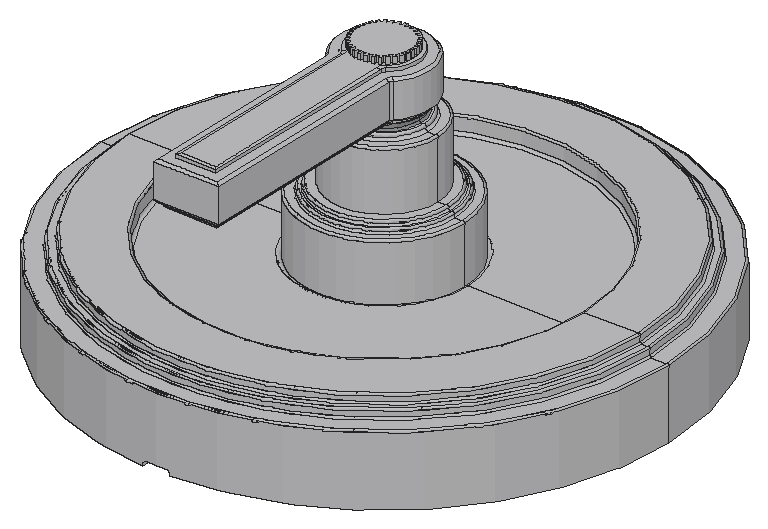
Revit family "Shower-Valve_Trim-KALLISTA-Vir_Stil-P80239_1", category Specialty Equipment, host Face, Revit 2021
Family settings
  Host = Face
  Round Connector Dimension = Use Diameter
  Part Type = Normal
  OmniClass Number = 23.31.25.00
  OmniClass Title = Toilet and Bath Specialties
  Cut with Voids When Loaded = No
  Shared = No
  Room Calculation Point = No
Parameters (values of type "CP-Chrome")
  Width = 6 5/8"  # constant formula
  WaterSense Certified = 1 = 0  # no
  URL = "https://www.kallista.com/"
  Type = 1
  Product Page URL = ""
  Product Name = "Vir Stil"  # constant formula
  Product Documentation Link = ""
  Model = if(Type = 1, "P80239-LV-CP", if(Type = 2, "P80239-LV-SN", if(Type = 3, "P80239-LV-BAF", if(Type = 4, "P80239-LV-BN", "NA"))))  # "P80239-LV-CP"
  Material = "Premium Metal Construction"  # constant formula
  Master Format 2014 Name = "Toilet, Bath, and Laundry Accessories"  # constant formula
  Master Format 2014 = "10 28 00"  # constant formula
  Manufacturer Address = "444 Highland Dr, Kohler, WI 53044"  # constant formula
  Manufacturer = "Kallista Co."  # constant formula
  Length = 3 13/256"  # constant formula
  Height = 6 5/8"  # constant formula
  Handle Clearance = 2 7/8"  # constant formula
  Finish = Kallista-Metal-CP-Chrome
  Environmental Product Declaration = ""
  Description = "Vir Stil Pressure Balance Trim , Lever Handle"  # constant formula
  Default Elevation = 42"
  Declare Label = ""
  Date Modified = "09/09/2023"  # constant formula
  Date Created = "09/09/2023"  # constant formula
  Copyright = "Copyright Kallista Co."  # constant formula
  Contact Us = "https://www.kallista.com/corporate/contact-us/"
  Assembly Code = "C1030200"
  ADA Compliant = 1 = 0  # no
Types (5): name | Type | Model | Finish
  (no name) | 1 | "P80239-LV-CP" | Kallista-Metal-CP-Chrome
  CP-Chrome | 1 | "P80239-LV-CP" | Kallista-Metal-CP-Chrome
  SN-Polished Nickel | 2 | "P80239-LV-SN" | Kallista-Metal-SN-Polished_Nickel
  BAF-Brushed French Gold | 3 | "P80239-LV-BAF" | Kallista-Metal-BAF-Brushed_French_Gold
  BN-Brushed Nickel | 4 | "P80239-LV-BN" | Kallista-Metal-BN-Brushed_Nickel
Reference planes (in)
  plane 1 "Center (Front/Back)": y = 0
  plane 2: z = 0
  plane 3 "Center (Left/Right)": x = 0
  plane 4: y = 3.31299
  plane 5: y = -3.31201
  plane 6: x = 3.31299
  plane 7: x = -3.31201
  plane 8: y = -2.875
  plane 9: y = -0.98622
  plane 10: y = -0.62598
  plane 11: y = 0.62598
  plane 12: y = 0.98622
  plane 13: x = -0.62598
  plane 14: x = -0.98622
  plane 15: x = 0.62598
  plane 16: x = 0.98622
  plane 17: z = 1.01969
  plane 18: z = 3.05078
Dimensions and locks (in)
  plane 8 to plane 1 "Center (Front/Back)" = 2 7/8"
  "Width": plane 7 to plane 6
  "Height": plane 4 to plane 5
  plane 14 to plane 16 = 1.97244"
  plane 12 to plane 9 = 1.97244"
  plane 11 to plane 10 = 1.25197"
  plane 13 to plane 15 = 1.25197"  (x2)
  level to plane 17 = 1.01969"  (x2)
  "Length": level to plane 18
  plane 7 to plane 6 = 6 5/8"
  plane 17 to plane 18 = 2.0311"
  "Handle Clearance": plane 1 "Center (Front/Back)" to plane 8
  level to plane 18 = 3 13/256"
  plane 4 to plane 5 = 6 5/8"
  aligned and locked: plane 2 to host face
  aligned and locked: level to host face
Automatic sketch dimensions
  host sketch curve to host sketch curve = 96"  (x2)
Nested families (in)
  nested 1: "P80239" at (0, 0, 0), type "P80239"
Definition of nested family "P80239"
  Parameters
    Material = none
    Default Elevation = 0"
  Reference planes (in)
    plane 1 "Center (Front/Back)": y = 0
    plane 2: z = 0
    plane 3 "Center (Left/Right)": x = 0
    plane 4: y = 3.31299
    plane 5: y = -3.31299
    plane 6: x = -3.31299
    plane 7: x = 3.31299
    plane 8: z = 1.01969
    plane 9: y = 0.98622
    plane 10: y = -0.98622
    plane 11: x = -0.98622
    plane 12: x = 0.98622
    plane 13: y = -2.87402
    plane 14: z = 3.05118
    plane 15: y = 0.62598
    plane 16: y = -0.62598
    plane 17: x = -0.62598
    plane 18: x = 0.62598
  Forms (in)
    Revolve 1, solid, material <- "Material", detail levels medium+fine
      sketch origin (0, 0, 0) x (1, 0, 0) y (0, 0, 1)
        loop
          line (0, 2.32681) -> (-0.45891, 2.32681)
          arc (-0.45891, 2.32681) -> (-0.47733, 2.31754) -> (-0.48086, 2.29723) r 0.02293
          arc (-0.48086, 2.29723) -> (-0.48479, 2.27462) -> (-0.50529, 2.26431) r 0.02552
          line (-0.50529, 2.26431) -> (-0.60314, 2.26431)
          arc (-0.60314, 2.26431) -> (-0.61929, 2.25762) -> (-0.62598, 2.24147) r 0.02284
          line (-0.62598, 2.24147) -> (-0.62598, 1.57314) -> (-0.72605, 1.57314)
          arc (-0.72605, 1.57314) -> (-0.74304, 1.5641) -> (-0.74501, 1.54495) r 0.02047
          arc (-0.74501, 1.54495) -> (-0.74655, 1.53003) -> (-0.7598, 1.52298) r 0.01596
          line (-0.7598, 1.52298) -> (-0.79062, 1.52298)
          arc (-0.79062, 1.52298) -> (-0.80652, 1.51438) -> (-0.80803, 1.49636) r 0.01901
          arc (-0.80803, 1.49636) -> (-0.80935, 1.48068) -> (-0.82319, 1.4732) r 0.01654
          line (-0.82319, 1.4732) -> (-0.91302, 1.4732)
          arc (-0.91302, 1.4732) -> (-0.9284, 1.46683) -> (-0.93478, 1.45144) r 0.02175
          line (-0.93478, 1.45144) -> (-0.93478, 0.7868)
          arc (-0.93478, 0.7868) -> (-0.95546, 0.81134) -> (-0.98622, 0.82053) r 0.0561
          line (-0.98622, 0.82053) -> (-2.28504, 0.82053)
          arc (-2.28504, 0.82053) -> (-2.30722, 0.82972) -> (-2.31641, 0.8519) r 0.03137
          line (-2.31641, 0.8519) -> (-2.31641, 0.9994)
          arc (-2.31641, 0.9994) -> (-2.32235, 1.01374) -> (-2.3367, 1.01969) r 0.02029
          line (-2.3367, 1.01969) -> (-2.95855, 1.01969)
          arc (-2.95855, 1.01969) -> (-2.97285, 1.01376) -> (-2.97877, 0.99947) r 0.02022
          line (-2.97877, 0.99947) -> (-2.97877, 0.94083)
          arc (-2.97877, 0.94083) -> (-2.98489, 0.92606) -> (-2.99967, 0.91994) r 0.0209
          line (-2.99967, 0.91994) -> (-3.0679, 0.91994)
          arc (-3.0679, 0.91994) -> (-3.08204, 0.91408) -> (-3.08789, 0.89994) r 0.02
          line (-3.08789, 0.89994) -> (-3.08789, 0.84055)
          arc (-3.08789, 0.84055) -> (-3.09384, 0.82619) -> (-3.1082, 0.82024) r 0.02031
          line (-3.1082, 0.82024) -> (-3.29295, 0.82024)
          arc (-3.29295, 0.82024) -> (-3.30712, 0.81437) -> (-3.31299, 0.8002) r 0.02004
          line (-3.31299, 0.8002) -> (-3.31299, 0) -> (0, 0) -> (0, 2.32681)
        axis (0, 2.32681) -> (0, 0)
      angle from 0 to 360
    Sweep 2, solid, material <- "Material", detail levels medium+fine
      path origin (0, 0, 0) x (1, 0, 0) y (0, 1, 0)
        loop
          line (0.37224, -2.87552) -> (0.37224, -0.40068)
          arc (0.37224, -0.40068) -> (0.37605, -0.38068) -> (0.38697, -0.36349) r 0.05433
          arc (0.38697, -0.36349) -> (0.00759, 0.53086) -> (-0.3972, -0.35228) r 0.53091
          arc (-0.3972, -0.35228) -> (-0.38278, -0.3761) -> (-0.37776, -0.40348) r 0.07717
          line (-0.37776, -0.40348) -> (-0.37776, -2.87552) -> (0.37224, -2.87552)
      profile origin (0.37224, -1.6381, 0) x (-1, 0, 0) y (0, 0, 1)
        loop
          line (0, 2.9018) -> (0, 2.50177) -> (0.02995, 2.47183) -> (0.06253, 2.47183) -> (0.06253, 2.43064) -> (0.08469, 2.40847) -> (0.11619, 2.40847) -> (0.11619, 2.93183) -> (0.03003, 2.93183) -> (0, 2.9018)
    Sweep 3, solid, material <- "Material", detail levels medium+fine
      path origin (0, 0, 0) x (1, 0, 0) y (0, 1, 0)
        loop
          line (0.23204, -2.73592) -> (0.23204, -0.34328)
          arc (0.23204, -0.34328) -> (0.23755, -0.31824) -> (0.25306, -0.29783) r 0.05964
          arc (0.25306, -0.29783) -> (0.00433, 0.3908) -> (-0.25959, -0.29216) r 0.39082
          arc (-0.25959, -0.29216) -> (-0.24375, -0.31373) -> (-0.23815, -0.33989) r 0.06386
          line (-0.23815, -0.33989) -> (-0.23815, -2.73592) -> (0.23204, -2.73592)
      profile origin (0.23204, -1.5396, 0) x (-1, 0, 0) y (0, 0, 1)
        loop
          line (0, 2.93172) -> (0.07609, 2.93172) -> (0.07609, 2.97149) -> (0.04138, 2.97149) -> (0, 2.96514) -> (0, 2.93172)
    Extrusion 4, solid, material <- "Material", detail levels medium+fine
      sketch origin (0, 0, 0) x (1, 0, 0) y (0, 1, 0)
        loop
          arc (-0.20905, -0.23527) -> (-0.17434, -0.28255) -> (-0.16205, -0.33989) r 0.13995
          line (-0.16205, -0.33989) -> (-0.16205, -2.65982) -> (0.15594, -2.65982) -> (0.15594, -0.34328)
          arc (0.15594, -0.34328) -> (0.16848, -0.2863) -> (0.20379, -0.23984) r 0.13573
          arc (0.20379, -0.23984) -> (0.00348, 0.31471) -> (-0.20905, -0.23527) r 0.31473
      from 2.93172 to 2.97149
    Extrusion 5, solid, material <- "Material", detail levels medium+fine
      sketch origin (0, 0, 0) x (1, 0, 0) y (0, 1, 0)
        loop
          line (-0.34146, -0.0578) -> (-0.33501, -0.08811) -> (-0.30515, -0.07841) -> (-0.29552, -0.10806) -> (-0.32553, -0.11781) -> (-0.31444, -0.14671) -> (-0.28595, -0.13219) -> (-0.27185, -0.15986) -> (-0.29949, -0.17394) -> (-0.28298, -0.20037) -> (-0.25573, -0.18334) -> (-0.23721, -0.20792) -> (-0.2621, -0.22668) -> (-0.24035, -0.24842) -> (-0.21829, -0.22636) -> (-0.19504, -0.2473) -> (-0.212, -0.27342) -> (-0.18369, -0.29181) -> (-0.16681, -0.26581) -> (-0.13903, -0.28185) -> (-0.15683, -0.30925) -> (-0.12974, -0.32489) -> (-0.11451, -0.29224) -> (-0.08487, -0.30303) -> (-0.09574, -0.3329) -> (-0.06563, -0.34386) -> (-0.05476, -0.31399) -> (-0.02225, -0.31399) -> (-0.0279, -0.34601) -> (0.00308, -0.34601) -> (0.00308, -0.31399) -> (0.03601, -0.30994) -> (0.03601, -0.34259) -> (0.07277, -0.33808) -> (0.066, -0.30626) -> (0.10401, -0.29608) -> (0.11218, -0.32657) -> (0.14042, -0.31399) -> (0.12707, -0.28401) -> (0.15634, -0.27097) -> (0.17284, -0.29954) -> (0.20046, -0.2836) -> (0.17795, -0.25145) -> (0.20443, -0.23291) -> (0.22787, -0.25635) -> (0.24977, -0.23444) -> (0.22607, -0.21074) -> (0.24841, -0.1884) -> (0.27211, -0.2121) -> (0.29172, -0.1841) -> (0.26311, -0.16406) -> (0.2797, -0.13532) -> (0.30701, -0.15108) -> (0.32268, -0.12395) -> (0.28831, -0.11144) -> (0.30031, -0.07845) -> (0.33323, -0.09043) -> (0.34146, -0.05972) -> (0.30537, -0.05656) -> (0.30537, -0.0254) -> (0.34316, -0.0254) -> (0.34316, 0.00683) -> (0.30537, 0.00683) -> (0.30537, 0.03985) -> (0.34316, 0.04316) -> (0.33768, 0.07421) -> (0.30294, 0.06809) -> (0.29487, 0.0982) -> (0.326, 0.10369) -> (0.31352, 0.13457) -> (0.28433, 0.12278) -> (0.26919, 0.15124) -> (0.29729, 0.16618) -> (0.27897, 0.19439) -> (0.25272, 0.17733) -> (0.2314, 0.20667) -> (0.25314, 0.22842) -> (0.22236, 0.26216) -> (0.19768, 0.23749) -> (0.16893, 0.2541) -> (0.1891, 0.28903) -> (0.15478, 0.30431) -> (0.14223, 0.27611) -> (0.11361, 0.28885) -> (0.12431, 0.31824) -> (0.09484, 0.32897) -> (0.08659, 0.2982) -> (0.05656, 0.30624) -> (0.05999, 0.33886) -> (0.02428, 0.33886) -> (0.02428, 0.3076) -> (-0.00748, 0.3076) -> (-0.00748, 0.34501) -> (-0.03867, 0.34501) -> (-0.03212, 0.30787) -> (-0.064, 0.30225) -> (-0.07377, 0.33872) -> (-0.10635, 0.32999) -> (-0.09657, 0.29352) -> (-0.12755, 0.28522) -> (-0.14042, 0.31553) -> (-0.17116, 0.30248) -> (-0.14996, 0.27331) -> (-0.17749, 0.25867) -> (-0.19711, 0.28567) -> (-0.22199, 0.26552) -> (-0.19996, 0.24349) -> (-0.22279, 0.22066) -> (-0.25899, 0.24156) -> (-0.27474, 0.21429) -> (-0.24746, 0.19854) -> (-0.26395, 0.16997) -> (-0.29163, 0.18595) -> (-0.30736, 0.15871) -> (-0.27914, 0.14615) -> (-0.29175, 0.11783) -> (-0.321, 0.12848) -> (-0.33174, 0.09896) -> (-0.30119, 0.09077) -> (-0.30925, 0.06067) -> (-0.34041, 0.06561) -> (-0.34524, 0.0351) -> (-0.31439, 0.0351) -> (-0.31439, 0.00388) -> (-0.34524, 0.00388) -> (-0.34524, -0.02696) -> (-0.31417, -0.02315) -> (-0.31038, -0.05398) -> (-0.34146, -0.0578)
      from 2.98201 to 3.05185
    Extrusion 6, solid, material <- "Material", detail levels medium+fine
      sketch origin (0, 0, 0) x (1, 0, 0) y (0, 1, 0)
        loop
          circle (0, 0) r 0.29
      from 2.97169 to 2.98201
    Extrusion 7, solid, material <- "Material", detail levels medium+fine
      sketch origin (0, 0, 0) x (1, 0, 0) y (0, 1, 0)
        loop
          arc (-0.31027, -0.27518) -> (-0.27416, -0.33487) -> (-0.26158, -0.40348) r 0.19336
          line (-0.26158, -0.40348) -> (-0.26158, -2.75933) -> (0.25605, -2.75933) -> (0.25605, -0.40068)
          arc (0.25605, -0.40068) -> (0.26803, -0.3379) -> (0.30228, -0.28394) r 0.17051
          arc (0.30228, -0.28394) -> (0.00593, 0.41468) -> (-0.31027, -0.27518) r 0.41472
      from 2.9018 to 2.93183
    Extrusion 8, void
      sketch origin (0, 0, 0) x (1, 0, 0) y (0, 0, 1)
        loop
          line (0.12324, 0.055) -> (-0.12876, 0.055) -> (-0.15876, 0.03107) -> (-0.15876, 0) -> (0.15324, 0) -> (0.15324, 0.03107) -> (0.12324, 0.055)
      from 3.21711 to 3.43963
    Revolve 9, solid, detail levels medium+fine
      sketch origin (0, 0, 0) x (1, 0, 0) y (0, 0, 1)
        loop
          arc (-0.40765, 2.34706) -> (-0.41358, 2.33274) -> (-0.4279, 2.32681) r 0.02025
          line (-0.4279, 2.32681) -> (0, 2.32681) -> (0, 2.40883) -> (-0.40765, 2.40883) -> (-0.40765, 2.34706)
        axis (0, 2.40883) -> (0, 2.32681)
      angle from 0 to 360
    Extrusion 10, solid, material <- "Material", detail levels coarse
      sketch origin (0, 0, 0) x (1, 0, 0) y (0, 1, 0)
        loop
          circle (0, 0) r 3.31299
      from 0 to 1.05311
    Extrusion 11, solid, material <- "Material", detail levels coarse
      sketch origin (0, 0, 0) x (1, 0, 0) y (0, 1, 0)
        loop
          circle (0, 0) r 0.9375
      from 1.05311 to 1.57281
    Extrusion 12, solid, material <- "Material", detail levels coarse
      sketch origin (0, 0, 0) x (1, 0, 0) y (0, 1, 0)
        loop
          circle (0.00208, 0.00181) r 0.62807
      from 1.57281 to 2.26715
    Extrusion 13, solid, material <- "Material", detail levels coarse
      sketch origin (0, 0, 0) x (1, 0, 0) y (0, 1, 0)
        loop
          arc (0.38679, -0.36367) -> (0.00883, 0.53084) -> (-0.39867, -0.35061) r 0.53091
          arc (-0.39867, -0.35061) -> (-0.38316, -0.37642) -> (-0.37776, -0.40605) r 0.08395
          line (-0.37776, -0.40605) -> (-0.37776, -2.87552) -> (0.37224, -2.87552) -> (0.37224, -0.40039)
          arc (0.37224, -0.40039) -> (0.37601, -0.38064) -> (0.38679, -0.36367) r 0.0536
      from 2.26715 to 3.05185
  Cuts and joins
    Extrusion 8 cuts Revolve 1
    joined: Revolve 1, Sweep 2, Sweep 3, Extrusion 4, Extrusion 5, Extrusion 6, Extrusion 7
    joined: Extrusion 10, Extrusion 11, Extrusion 12, Extrusion 13
  Lines and regions (in)
    Masking region 1
      outline origin (0, 0, 0) x (1, 0, 0) y (0, 1, 0)
        loop
          circle (0, 0) r 3.31299
    Masking region 2
      outline origin (0, 0, 0) x (1, 0, 0) y (0, 0, 1)
        loop
          line (3.31299, 0) -> (3.31299, 0.80065)
          arc (3.31299, 0.80065) -> (3.30716, 0.81472) -> (3.29308, 0.82056) r 0.01991
          line (3.29308, 0.82056) -> (3.10926, 0.82056)
          arc (3.10926, 0.82056) -> (3.09427, 0.82676) -> (3.08807, 0.84175) r 0.0212
          line (3.08807, 0.84175) -> (3.08807, 0.90055)
          arc (3.08807, 0.90055) -> (3.08221, 0.91469) -> (3.06807, 0.92055) r 0.02
          line (3.06807, 0.92055) -> (2.99909, 0.92055)
          arc (2.99909, 0.92055) -> (2.98513, 0.92633) -> (2.97935, 0.94029) r 0.01974
          line (2.97935, 0.94029) -> (2.97935, 0.99795)
          arc (2.97935, 0.99795) -> (2.97299, 1.01332) -> (2.95762, 1.01969) r 0.02174
          line (2.95762, 1.01969) -> (0.92736, 1.01969) -> (0.92736, 1.45243)
          arc (0.92736, 1.45243) -> (0.92126, 1.46715) -> (0.90654, 1.47325) r 0.02082
          line (0.90654, 1.47325) -> (0.82162, 1.47325)
          arc (0.82162, 1.47325) -> (0.8067, 1.48036) -> (0.80281, 1.49642) r 0.01922
          arc (0.80281, 1.49642) -> (0.79897, 1.51404) -> (0.78326, 1.52289) r 0.02203
          line (0.78326, 1.52289) -> (0.75131, 1.52289)
          arc (0.75131, 1.52289) -> (0.74295, 1.53658) -> (0.74003, 1.55235) r 0.04408
          arc (0.74003, 1.55235) -> (0.73403, 1.56683) -> (0.71955, 1.57283) r 0.02048
          line (0.71955, 1.57283) -> (0.62598, 1.57283) -> (0.62598, 2.23773)
          arc (0.62598, 2.23773) -> (0.61831, 2.25626) -> (0.59979, 2.26393) r 0.02619
          line (0.59979, 2.26393) -> (0.49475, 2.26393)
          arc (0.49475, 2.26393) -> (0.4777, 2.27602) -> (0.47625, 2.29688) r 0.02443
          arc (0.47625, 2.29688) -> (0.474, 2.31664) -> (0.45642, 2.32593) r 0.0213
          line (0.45642, 2.32593) -> (0.42211, 2.32593)
          arc (0.42211, 2.32593) -> (0.40806, 2.33175) -> (0.40224, 2.3458) r 0.01987
          line (0.40224, 2.3458) -> (0.40224, 2.40883) -> (0.44738, 2.40883) -> (0.47136, 2.4328) -> (0.47136, 2.47141) -> (0.50996, 2.47141) -> (0.52781, 2.50233) -> (0.52781, 2.90167) -> (0.49765, 2.93183) -> (0.38479, 2.93183) -> (0.38479, 2.96374) -> (0.35437, 2.97189) -> (0.28447, 2.97189) -> (0.25315, 2.98186) -> (0.34171, 2.98186) -> (0.34171, 3.05118) -> (-0.3471, 3.05118) -> (-0.3471, 2.98186) -> (-0.25853, 2.98186) -> (-0.28985, 2.97189) -> (-0.35975, 2.97189) -> (-0.39017, 2.96374) -> (-0.39017, 2.93183) -> (-0.50304, 2.93183) -> (-0.5332, 2.90167) -> (-0.5332, 2.50233) -> (-0.51534, 2.47141) -> (-0.47674, 2.47141) -> (-0.47674, 2.4328) -> (-0.45276, 2.40883) -> (-0.40762, 2.40883) -> (-0.40762, 2.3458)
          arc (-0.40762, 2.3458) -> (-0.41344, 2.33175) -> (-0.42749, 2.32593) r 0.01987
          line (-0.42749, 2.32593) -> (-0.4618, 2.32593)
          arc (-0.4618, 2.32593) -> (-0.47939, 2.31664) -> (-0.48163, 2.29688) r 0.0213
          arc (-0.48163, 2.29688) -> (-0.48308, 2.27602) -> (-0.50013, 2.26393) r 0.02443
          line (-0.50013, 2.26393) -> (-0.59979, 2.26393)
          arc (-0.59979, 2.26393) -> (-0.61831, 2.25626) -> (-0.62598, 2.23773) r 0.02619
          line (-0.62598, 2.23773) -> (-0.62598, 1.57283) -> (-0.72494, 1.57283)
          arc (-0.72494, 1.57283) -> (-0.73942, 1.56683) -> (-0.74541, 1.55235) r 0.02048
          arc (-0.74541, 1.55235) -> (-0.74833, 1.53658) -> (-0.7567, 1.52289) r 0.04408
          line (-0.7567, 1.52289) -> (-0.78864, 1.52289)
          arc (-0.78864, 1.52289) -> (-0.80435, 1.51404) -> (-0.8082, 1.49642) r 0.02203
          arc (-0.8082, 1.49642) -> (-0.81208, 1.48036) -> (-0.82701, 1.47325) r 0.01922
          line (-0.82701, 1.47325) -> (-0.91192, 1.47325)
          arc (-0.91192, 1.47325) -> (-0.92664, 1.46715) -> (-0.93274, 1.45243) r 0.02082
          line (-0.93274, 1.45243) -> (-0.93274, 1.01969) -> (-2.95762, 1.01969)
          arc (-2.95762, 1.01969) -> (-2.97299, 1.01332) -> (-2.97935, 0.99795) r 0.02174
          line (-2.97935, 0.99795) -> (-2.97935, 0.94029)
          arc (-2.97935, 0.94029) -> (-2.98513, 0.92633) -> (-2.99909, 0.92055) r 0.01974
          line (-2.99909, 0.92055) -> (-3.06807, 0.92055)
          arc (-3.06807, 0.92055) -> (-3.08221, 0.91469) -> (-3.08807, 0.90055) r 0.02
          line (-3.08807, 0.90055) -> (-3.08807, 0.84175)
          arc (-3.08807, 0.84175) -> (-3.09427, 0.82676) -> (-3.10926, 0.82056) r 0.0212
          line (-3.10926, 0.82056) -> (-3.29308, 0.82056)
          arc (-3.29308, 0.82056) -> (-3.30716, 0.81472) -> (-3.31299, 0.80065) r 0.01991
          line (-3.31299, 0.80065) -> (-3.31299, 0) -> (3.31299, 0)
    Masking region 3
      outline origin (0, 0, 0) x (0, 1, 0) y (0, 0, 1)
        loop
          line (3.31664, 0) -> (3.31664, 0.80065)
          arc (3.31664, 0.80065) -> (3.31081, 0.81472) -> (3.29673, 0.82056) r 0.01991
          line (3.29673, 0.82056) -> (3.11291, 0.82056)
          arc (3.11291, 0.82056) -> (3.09792, 0.82676) -> (3.09171, 0.84175) r 0.0212
          line (3.09171, 0.84175) -> (3.09171, 0.90055)
          arc (3.09171, 0.90055) -> (3.08586, 0.91469) -> (3.07171, 0.92055) r 0.02
          line (3.07171, 0.92055) -> (3.00274, 0.92055)
          arc (3.00274, 0.92055) -> (2.98878, 0.92633) -> (2.983, 0.94029) r 0.01974
          line (2.983, 0.94029) -> (2.983, 0.99795)
          arc (2.983, 0.99795) -> (2.97664, 1.01332) -> (2.96126, 1.01969) r 0.02174
          line (2.96126, 1.01969) -> (0.93101, 1.01969) -> (0.93101, 1.45243)
          arc (0.93101, 1.45243) -> (0.92491, 1.46715) -> (0.91019, 1.47325) r 0.02082
          line (0.91019, 1.47325) -> (0.82527, 1.47325)
          arc (0.82527, 1.47325) -> (0.81035, 1.48036) -> (0.80646, 1.49642) r 0.01922
          arc (0.80646, 1.49642) -> (0.80262, 1.51404) -> (0.78691, 1.52289) r 0.02203
          line (0.78691, 1.52289) -> (0.75496, 1.52289)
          arc (0.75496, 1.52289) -> (0.7466, 1.53658) -> (0.74368, 1.55235) r 0.04408
          arc (0.74368, 1.55235) -> (0.73768, 1.56683) -> (0.7232, 1.57283) r 0.02048
          line (0.7232, 1.57283) -> (0.62963, 1.57283) -> (0.62963, 2.23773)
          arc (0.62963, 2.23773) -> (0.62196, 2.25626) -> (0.60344, 2.26393) r 0.02619
          line (0.60344, 2.26393) -> (0.4984, 2.26393)
          arc (0.4984, 2.26393) -> (0.48135, 2.27602) -> (0.4799, 2.29688) r 0.02443
          arc (0.4799, 2.29688) -> (0.47765, 2.31664) -> (0.46006, 2.32593) r 0.0213
          line (0.46006, 2.32593) -> (0.42576, 2.32593)
          arc (0.42576, 2.32593) -> (0.41171, 2.33175) -> (0.40589, 2.3458) r 0.01987
          line (0.40589, 2.3458) -> (0.40589, 2.40883) -> (0.45103, 2.40883) -> (0.475, 2.4328) -> (0.475, 2.47141) -> (0.51361, 2.47141) -> (0.53146, 2.50233) -> (0.53146, 2.90167) -> (0.5013, 2.93183) -> (0.38844, 2.93183) -> (0.38844, 2.96374) -> (0.35802, 2.97189) -> (0.28811, 2.97189) -> (0.2568, 2.98186) -> (0.34536, 2.98186) -> (0.34536, 3.05118) -> (-0.34345, 3.05118) -> (-0.34345, 2.98186) -> (-0.25488, 2.98186) -> (-0.2862, 2.97189) -> (-2.7041, 2.97189) -> (-2.73585, 2.96514) -> (-2.73585, 2.93197) -> (-2.84537, 2.93197) -> (-2.87402, 2.90333) -> (-2.87402, 2.42339) -> (-2.84662, 2.40883) -> (-0.40397, 2.40883) -> (-0.40397, 2.3458)
          arc (-0.40397, 2.3458) -> (-0.40979, 2.33175) -> (-0.42385, 2.32593) r 0.01987
          line (-0.42385, 2.32593) -> (-0.45815, 2.32593)
          arc (-0.45815, 2.32593) -> (-0.47574, 2.31664) -> (-0.47798, 2.29688) r 0.0213
          arc (-0.47798, 2.29688) -> (-0.47943, 2.27602) -> (-0.49648, 2.26393) r 0.02443
          line (-0.49648, 2.26393) -> (-0.59614, 2.26393)
          arc (-0.59614, 2.26393) -> (-0.61466, 2.25626) -> (-0.62234, 2.23773) r 0.02619
          line (-0.62234, 2.23773) -> (-0.62234, 1.57283) -> (-0.72129, 1.57283)
          arc (-0.72129, 1.57283) -> (-0.73577, 1.56683) -> (-0.74177, 1.55235) r 0.02048
          arc (-0.74177, 1.55235) -> (-0.74468, 1.53658) -> (-0.75305, 1.52289) r 0.04408
          line (-0.75305, 1.52289) -> (-0.78499, 1.52289)
          arc (-0.78499, 1.52289) -> (-0.80071, 1.51404) -> (-0.80455, 1.49642) r 0.02203
          arc (-0.80455, 1.49642) -> (-0.80843, 1.48036) -> (-0.82336, 1.47325) r 0.01922
          line (-0.82336, 1.47325) -> (-0.90827, 1.47325)
          arc (-0.90827, 1.47325) -> (-0.923, 1.46715) -> (-0.92909, 1.45243) r 0.02082
          line (-0.92909, 1.45243) -> (-0.92909, 1.01969) -> (-2.95397, 1.01969)
          arc (-2.95397, 1.01969) -> (-2.96934, 1.01332) -> (-2.97571, 0.99795) r 0.02174
          line (-2.97571, 0.99795) -> (-2.97571, 0.94029)
          arc (-2.97571, 0.94029) -> (-2.98149, 0.92633) -> (-2.99544, 0.92055) r 0.01974
          line (-2.99544, 0.92055) -> (-3.06442, 0.92055)
          arc (-3.06442, 0.92055) -> (-3.07856, 0.91469) -> (-3.08442, 0.90055) r 0.02
          line (-3.08442, 0.90055) -> (-3.08442, 0.84175)
          arc (-3.08442, 0.84175) -> (-3.09063, 0.82676) -> (-3.10562, 0.82056) r 0.0212
          line (-3.10562, 0.82056) -> (-3.28943, 0.82056)
          arc (-3.28943, 0.82056) -> (-3.30351, 0.81472) -> (-3.30934, 0.80065) r 0.01991
          line (-3.30934, 0.80065) -> (-3.30934, 0) -> (3.31664, 0)
    symbolic lines, detail levels medium+fine
      curve 1: circle (0, 0, 0) r 3.08462 normal (0, 0, 1)
      curve 2: circle (0, 0, 0) r 2.97918 normal (0, 0, 1)
      curve 3: arc (0.37223, -2.28972, 0) -> (0.00281, 2.31978, 0) -> (-0.37776, -2.28882, 0) r 2.31978
      curve 4: circle (0, 0, 0) r 3.29739 normal (0, 0, 1)
      curve 5: circle (0, 0, 0) r 3.10055 normal (0, 0, 1)
      curve 6: circle (0, 0, 0) r 3.07468 normal (0, 0, 1)
      curve 7: circle (0, 0, 0) r 2.97196 normal (0, 0, 1)
      curve 8: circle (0, 0, 0) r 2.98515 normal (0, 0, 1)
      curve 9: arc (0.37223, -2.28411, 0) -> (0.00281, 2.31424, 0) -> (-0.37776, -2.2832, 0) r 2.31424
      curve 10: arc (0.37223, -2.29592, 0) -> (0.0028, 2.3259, 0) -> (-0.37776, -2.29502, 0) r 2.3259
      curve 11: arc (0.37223, -0.85443, 0) -> (0.00302, 0.93198, 0) -> (-0.37776, -0.85199, 0) r 0.93199
      curve 12: arc (0.37223, -0.74021, 0) -> (0.0031, 0.82853, 0) -> (-0.37776, -0.7374, 0) r 0.82853
      curve 13: arc (0.37223, -0.71892, 0) -> (0.00312, 0.80956, 0) -> (-0.37776, -0.71602, 0) r 0.80957
      curve 14: arc (0.37223, -0.69386, 0) -> (0.00315, 0.7874, 0) -> (-0.37776, -0.69087, 0) r 0.7874
      curve 15: arc (0.37223, -0.66789, 0) -> (0.00318, 0.7646, 0) -> (-0.37776, -0.66477, 0) r 0.76461
      curve 16: arc (0.37223, -0.62171, 0) -> (0.00324, 0.72462, 0) -> (-0.37776, -0.61836, 0) r 0.72462
      curve 17: arc (0.37223, -0.64404, 0) -> (0.00321, 0.74386, 0) -> (-0.37776, -0.64081, 0) r 0.74387
      curve 18: arc (0.37223, -0.50501, 0) -> (0.00345, 0.62736, 0) -> (-0.37776, -0.50088, 0) r 0.62736
      curve 19: arc (0.37223, -0.4791, 0) -> (0.00352, 0.60669, 0) -> (-0.37776, -0.47474, 0) r 0.6067
      curve 20: arc (0.38451, -0.37032, 0) -> (0.00812, 0.53378, 0) -> (-0.39561, -0.35845, 0) r 0.53384
      curve 21: arc (-0.37063, -0.34217, 0) -> (0.00145, 0.49729, 0) -> (0.36208, -0.34715, 0) r 0.50069
      curve 22: arc (-0.25572, -0.29935, 0) -> (0.00408, 0.38983, 0) -> (0.24919, -0.30471, 0) r 0.39201
      curve 23: arc (0.24102, -0.28796, 0) -> (0.00621, 0.37547, 0) -> (-0.25042, -0.27983, 0) r 0.37552
      curve 24: line (0.37223, -0.40079, 0) -> (0.37223, -2.8758, 0)
      curve 25: line (-0.37776, -0.40471, 0) -> (-0.37776, -2.8758, 0)
      curve 26: arc (0.37223, -0.83031, 0) -> (0.00304, 0.90993, 0) -> (-0.37776, -0.82781, 0) r 0.90993
      curve 27: arc (-0.39561, -0.35845, 0) -> (-0.38238, -0.37992, 0) -> (-0.37776, -0.40471, 0) r 0.0689
      curve 28: line (-0.34767, -0.40111, 0) -> (-0.34767, -2.84541, 0)
      curve 29: arc (-0.37063, -0.34217, 0) -> (-0.35361, -0.36948, 0) -> (-0.34767, -0.40111, 0) r 0.0871
      curve 30: line (-0.23781, -0.33838, 0) -> (-0.23781, -2.73553, 0)
      curve 31: line (-0.22276, -0.3417, 0) -> (-0.22276, -2.72052, 0)
      curve 32: arc (-0.25572, -0.29935, 0) -> (-0.2425, -0.31691, 0) -> (-0.23781, -0.33838, 0) r 0.05148
      curve 33: arc (-0.25042, -0.27983, 0) -> (-0.22999, -0.30782, 0) -> (-0.22276, -0.3417, 0) r 0.08302
      curve 34: line (-0.37776, -2.8758, 0) -> (0.37223, -2.8758, 0)
      curve 35: line (0.34242, -0.39662, 0) -> (0.34242, -2.84541, 0)
      curve 36: line (0.23224, -0.34063, 0) -> (0.23224, -2.73553, 0)
      curve 37: line (0.21724, -0.33888, 0) -> (0.21724, -2.72052, 0)
      curve 38: arc (0.24919, -0.30471, 0) -> (0.23669, -0.32077, 0) -> (0.23224, -0.34063, 0) r 0.04654
      curve 39: arc (0.21724, -0.33888, 0) -> (0.22348, -0.31078, 0) -> (0.24102, -0.28796, 0) r 0.0664
      curve 40: arc (0.37223, -0.40079, 0) -> (0.37541, -0.38436, 0) -> (0.38451, -0.37032, 0) r 0.04392
      curve 41: arc (0.36208, -0.34715, 0) -> (0.34751, -0.37, 0) -> (0.34242, -0.39662, 0) r 0.07206
      curve 42: line (0.34242, -2.84541, 0) -> (-0.34767, -2.84541, 0)
      curve 43: line (0.23224, -2.73553, 0) -> (-0.23781, -2.73553, 0)
      curve 44: line (0.21724, -2.72052, 0) -> (-0.22276, -2.72052, 0)
      curve 45: line (-0.34394, -0.054, 0) -> (-0.31286, -0.05018, 0)
      curve 46: line (-0.31286, -0.05018, 0) -> (-0.31665, -0.01935, 0)
      curve 47: line (-0.31665, -0.01935, 0) -> (-0.34772, -0.02317, 0)
      curve 48: line (-0.34772, -0.02317, 0) -> (-0.34772, 0.00768, 0)
      curve 49: line (-0.34772, 0.00768, 0) -> (-0.31687, 0.00768, 0)
      curve 50: line (-0.31687, 0.00768, 0) -> (-0.31687, 0.03889, 0)
      curve 51: line (-0.31687, 0.03889, 0) -> (-0.34772, 0.03889, 0)
      curve 52: line (-0.34772, 0.03889, 0) -> (-0.34289, 0.0694, 0)
      curve 53: line (-0.34289, 0.0694, 0) -> (-0.31173, 0.06447, 0)
      curve 54: line (-0.31173, 0.06447, 0) -> (-0.30366, 0.09457, 0)
      curve 55: line (-0.30366, 0.09457, 0) -> (-0.33422, 0.10275, 0)
      curve 56: line (-0.33422, 0.10275, 0) -> (-0.32348, 0.13228, 0)
      curve 57: line (-0.32348, 0.13228, 0) -> (-0.29423, 0.12163, 0)
      curve 58: line (-0.29423, 0.12163, 0) -> (-0.28162, 0.14995, 0)
      curve 59: line (-0.28162, 0.14995, 0) -> (-0.30984, 0.16251, 0)
      curve 60: line (-0.30984, 0.16251, 0) -> (-0.29411, 0.18975, 0)
      curve 61: line (-0.29411, 0.18975, 0) -> (-0.26643, 0.17377, 0)
      curve 62: line (-0.26643, 0.17377, 0) -> (-0.24994, 0.20233, 0)
      curve 63: line (-0.24994, 0.20233, 0) -> (-0.27721, 0.21808, 0)
      curve 64: line (-0.27721, 0.21808, 0) -> (-0.26147, 0.24536, 0)
      curve 65: line (-0.26147, 0.24536, 0) -> (-0.22527, 0.22446, 0)
      curve 66: line (-0.34394, -0.054, 0) -> (-0.33749, -0.08431, 0)
      curve 67: line (-0.33749, -0.08431, 0) -> (-0.30763, -0.07461, 0)
      curve 68: line (-0.30763, -0.07461, 0) -> (-0.298, -0.10426, 0)
      curve 69: line (-0.298, -0.10426, 0) -> (-0.32801, -0.11402, 0)
      curve 70: line (-0.32801, -0.11402, 0) -> (-0.31692, -0.14291, 0)
      curve 71: line (-0.31692, -0.14291, 0) -> (-0.28843, -0.12839, 0)
      curve 72: line (-0.28843, -0.12839, 0) -> (-0.27433, -0.15606, 0)
      curve 73: line (-0.27433, -0.15606, 0) -> (-0.30197, -0.17014, 0)
      curve 74: line (-0.30197, -0.17014, 0) -> (-0.28546, -0.19657, 0)
      curve 75: line (-0.28546, -0.19657, 0) -> (-0.25821, -0.17955, 0)
      curve 76: line (-0.25821, -0.17955, 0) -> (-0.23968, -0.20413, 0)
      curve 77: line (-0.23968, -0.20413, 0) -> (-0.26457, -0.22288, 0)
      curve 78: line (-0.26457, -0.22288, 0) -> (-0.24283, -0.24463, 0)
      curve 79: line (-0.24283, -0.24463, 0) -> (-0.22077, -0.22256, 0)
      curve 80: line (-0.22077, -0.22256, 0) -> (-0.19751, -0.2435, 0)
      curve 81: line (-0.19751, -0.2435, 0) -> (-0.21448, -0.26963, 0)
      curve 82: line (-0.21448, -0.26963, 0) -> (-0.18617, -0.28801, 0)
      curve 83: line (-0.18617, -0.28801, 0) -> (-0.16929, -0.26202, 0)
      curve 84: line (-0.16929, -0.26202, 0) -> (-0.14151, -0.27805, 0)
      curve 85: line (-0.14151, -0.27805, 0) -> (-0.15931, -0.30546, 0)
      curve 86: line (-0.15931, -0.30546, 0) -> (-0.13221, -0.3211, 0)
      curve 87: line (-0.13221, -0.3211, 0) -> (-0.11699, -0.28844, 0)
      curve 88: line (-0.11699, -0.28844, 0) -> (-0.08735, -0.29923, 0)
      curve 89: line (-0.08735, -0.29923, 0) -> (-0.09822, -0.3291, 0)
      curve 90: line (-0.09822, -0.3291, 0) -> (-0.06811, -0.34006, 0)
      curve 91: line (-0.06811, -0.34006, 0) -> (-0.05724, -0.31019, 0)
      curve 92: line (-0.05724, -0.31019, 0) -> (-0.02473, -0.31019, 0)
      curve 93: line (-0.22527, 0.22446, 0) -> (-0.20244, 0.24729, 0)
      curve 94: line (-0.20244, 0.24729, 0) -> (-0.22447, 0.26932, 0)
      curve 95: line (-0.22447, 0.26932, 0) -> (-0.19959, 0.28947, 0)
      curve 96: line (-0.19959, 0.28947, 0) -> (-0.17997, 0.26246, 0)
      curve 97: line (-0.17997, 0.26246, 0) -> (-0.15244, 0.2771, 0)
      curve 98: line (-0.15244, 0.2771, 0) -> (-0.17364, 0.30628, 0)
      curve 99: line (-0.17364, 0.30628, 0) -> (-0.1429, 0.31933, 0)
      curve 100: line (-0.1429, 0.31933, 0) -> (-0.13003, 0.28902, 0)
      curve 101: line (-0.13003, 0.28902, 0) -> (-0.09905, 0.29732, 0)
      curve 102: line (-0.09905, 0.29732, 0) -> (-0.10882, 0.33379, 0)
      curve 103: line (-0.10882, 0.33379, 0) -> (-0.07625, 0.34252, 0)
      curve 104: line (-0.07625, 0.34252, 0) -> (-0.06647, 0.30605, 0)
      curve 105: line (-0.06647, 0.30605, 0) -> (-0.0346, 0.31167, 0)
      curve 106: line (-0.0346, 0.31167, 0) -> (-0.04115, 0.34881, 0)
      curve 107: line (-0.04115, 0.34881, 0) -> (-0.00996, 0.34881, 0)
      curve 108: line (-0.00996, 0.34881, 0) -> (-0.00996, 0.3114, 0)
      curve 109: line (-0.00996, 0.3114, 0) -> (0.0218, 0.3114, 0)
      curve 110: line (0.0218, 0.3114, 0) -> (0.0218, 0.34265, 0)
      curve 111: line (0.0218, 0.34265, 0) -> (0.05751, 0.34265, 0)
      curve 112: line (0.05751, 0.34265, 0) -> (0.05408, 0.31004, 0)
      curve 113: line (0.05408, 0.31004, 0) -> (0.08411, 0.30199, 0)
      curve 114: line (0.08411, 0.30199, 0) -> (0.09236, 0.33277, 0)
      curve 115: line (0.09236, 0.33277, 0) -> (0.12183, 0.32204, 0)
      curve 116: line (0.12183, 0.32204, 0) -> (0.11113, 0.29265, 0)
      curve 117: line (0.11113, 0.29265, 0) -> (0.13975, 0.27991, 0)
      curve 118: line (0.13975, 0.27991, 0) -> (0.15231, 0.3081, 0)
      curve 119: line (0.15231, 0.3081, 0) -> (0.18662, 0.29283, 0)
      curve 120: line (0.18662, 0.29283, 0) -> (0.16645, 0.25789, 0)
      curve 121: line (0.16645, 0.25789, 0) -> (0.19521, 0.24129, 0)
      curve 122: line (0.19521, 0.24129, 0) -> (0.21988, 0.26596, 0)
      curve 123: line (-0.02473, -0.31019, 0) -> (-0.03038, -0.34222, 0)
      curve 124: line (-0.03038, -0.34222, 0) -> (0.0006, -0.34222, 0)
      curve 125: line (0.0006, -0.34222, 0) -> (0.0006, -0.31019, 0)
      curve 126: line (0.0006, -0.31019, 0) -> (0.03354, -0.30614, 0)
      curve 127: line (0.03354, -0.30614, 0) -> (0.03354, -0.33879, 0)
      curve 128: line (0.03354, -0.33879, 0) -> (0.07029, -0.33428, 0)
      curve 129: line (0.07029, -0.33428, 0) -> (0.06353, -0.30246, 0)
      curve 130: line (0.06353, -0.30246, 0) -> (0.10153, -0.29228, 0)
      curve 131: line (0.10153, -0.29228, 0) -> (0.1097, -0.32277, 0)
      curve 132: line (0.1097, -0.32277, 0) -> (0.13794, -0.31019, 0)
      curve 133: line (0.13794, -0.31019, 0) -> (0.12459, -0.28021, 0)
      curve 134: line (0.12459, -0.28021, 0) -> (0.15386, -0.26717, 0)
      curve 135: line (0.15386, -0.26717, 0) -> (0.17036, -0.29575, 0)
      curve 136: line (0.17036, -0.29575, 0) -> (0.19798, -0.2798, 0)
      curve 137: line (0.19798, -0.2798, 0) -> (0.17547, -0.24766, 0)
      curve 138: line (0.17547, -0.24766, 0) -> (0.20195, -0.22911, 0)
      curve 139: line (0.20195, -0.22911, 0) -> (0.22539, -0.25255, 0)
      curve 140: line (0.22539, -0.25255, 0) -> (0.24729, -0.23065, 0)
      curve 141: line (0.24729, -0.23065, 0) -> (0.22359, -0.20694, 0)
      curve 142: line (0.22359, -0.20694, 0) -> (0.24593, -0.1846, 0)
      curve 143: line (0.24593, -0.1846, 0) -> (0.26963, -0.20831, 0)
      curve 144: line (0.26963, -0.20831, 0) -> (0.28924, -0.1803, 0)
      curve 145: line (0.28924, -0.1803, 0) -> (0.26063, -0.16026, 0)
      curve 146: line (0.26063, -0.16026, 0) -> (0.27722, -0.13152, 0)
      curve 147: line (0.27722, -0.13152, 0) -> (0.30454, -0.14729, 0)
      curve 148: line (0.30454, -0.14729, 0) -> (0.3202, -0.12015, 0)
      curve 149: line (0.3202, -0.12015, 0) -> (0.28583, -0.10764, 0)
      curve 150: line (0.28583, -0.10764, 0) -> (0.29784, -0.07465, 0)
      curve 151: line (0.29784, -0.07465, 0) -> (0.33076, -0.08663, 0)
      curve 152: line (0.33076, -0.08663, 0) -> (0.33899, -0.05592, 0)
      curve 153: line (0.33899, -0.05592, 0) -> (0.3029, -0.05276, 0)
      curve 154: line (0.3029, -0.05276, 0) -> (0.3029, -0.02161, 0)
      curve 155: line (0.3029, -0.02161, 0) -> (0.34068, -0.02161, 0)
      curve 156: line (0.34068, -0.02161, 0) -> (0.34068, 0.01062, 0)
      curve 157: line (0.34068, 0.01062, 0) -> (0.3029, 0.01062, 0)
      curve 158: line (0.3029, 0.01062, 0) -> (0.3029, 0.04365, 0)
      curve 159: line (0.3029, 0.04365, 0) -> (0.34068, 0.04695, 0)
      curve 160: line (0.34068, 0.04695, 0) -> (0.33521, 0.07801, 0)
      curve 161: line (0.33521, 0.07801, 0) -> (0.30047, 0.07188, 0)
      curve 162: line (0.30047, 0.07188, 0) -> (0.2924, 0.102, 0)
      curve 163: line (0.2924, 0.102, 0) -> (0.32352, 0.10749, 0)
      curve 164: line (0.32352, 0.10749, 0) -> (0.31104, 0.13837, 0)
      curve 165: line (0.31104, 0.13837, 0) -> (0.28185, 0.12657, 0)
      curve 166: line (0.28185, 0.12657, 0) -> (0.26672, 0.15504, 0)
      curve 167: line (0.26672, 0.15504, 0) -> (0.29481, 0.16997, 0)
      curve 168: line (0.29481, 0.16997, 0) -> (0.27649, 0.19818, 0)
      curve 169: line (0.27649, 0.19818, 0) -> (0.25024, 0.18113, 0)
      curve 170: line (0.25024, 0.18113, 0) -> (0.22892, 0.21047, 0)
      curve 171: line (0.22892, 0.21047, 0) -> (0.25066, 0.23221, 0)
      curve 172: line (0.25066, 0.23221, 0) -> (0.21988, 0.26596, 0)
      curve 173: line (0.25315, 0, 2.98186) -> (-0.26417, 0, 2.98186)
      curve 174: line (0.28447, 0, 2.97189) -> (-0.28985, 0, 2.97189)
      curve 175: line (0.38479, 0, 2.93183) -> (-0.39017, 0, 2.93183)
      curve 176: line (0.38479, 0, 2.96374) -> (-0.39017, 0, 2.96374)
      curve 177: line (0.52781, 0, 2.90167) -> (-0.5332, 0, 2.90167)
      curve 178: line (0.52781, 0, 2.50233) -> (-0.5332, 0, 2.50233)
      curve 179: line (0.47136, 0, 2.47141) -> (-0.47674, 0, 2.47141)
      curve 180: line (0.40224, 0, 2.40883) -> (-0.40762, 0, 2.40883)
      curve 181: line (0.47136, 0, 2.4328) -> (-0.47674, 0, 2.4328)
      curve 182: line (0.49475, 0, 2.26393) -> (-0.50013, 0, 2.26393)
      curve 183: line (0.62598, 0, 2.23773) -> (-0.62598, 0, 2.23773)
      curve 184: line (0.47625, 0, 2.29688) -> (-0.48163, 0, 2.29688)
      curve 185: line (0.42211, 0, 2.32593) -> (-0.42749, 0, 2.32593)
      curve 186: line (0.40224, 0, 2.3458) -> (-0.40762, 0, 2.3458)
      curve 187: line (0.62598, 0, 1.57283) -> (-0.62598, 0, 1.57283)
      curve 188: line (0.92736, 0, 1.45243) -> (-0.93274, 0, 1.45243)
      curve 189: line (0.82162, 0, 1.47325) -> (-0.82701, 0, 1.47325)
      curve 190: line (0.80281, 0, 1.49642) -> (-0.8082, 0, 1.49642)
      curve 191: line (0.75131, 0, 1.52289) -> (-0.7567, 0, 1.52289)
      curve 192: line (0.74003, 0, 1.55235) -> (-0.74541, 0, 1.55235)
      curve 193: line (0.92736, 0, 1.01969) -> (-0.93274, 0, 1.01969)
      curve 194: line (3.10926, 0, 0.82056) -> (-3.10926, 0, 0.82056)
      curve 195: line (3.31299, 0, 0.80065) -> (-3.31299, 0, 0.80065)
      curve 196: line (2.99909, 0, 0.92055) -> (-2.99909, 0, 0.92055)
      curve 197: line (-3.08807, 0, 0.90055) -> (3.08807, 0, 0.90055)
      curve 198: line (3.08807, 0, 0.84175) -> (-3.08807, 0, 0.84175)
      curve 199: line (2.97935, 0, 0.94029) -> (-2.97935, 0, 0.94029)
      curve 200: line (2.97935, 0, 0.99795) -> (-2.97935, 0, 0.99795)
      curve 201: line (0.32091, 0, 3.05118) -> (0.32091, 0, 2.98186)
      curve 202: line (0.30994, 0, 3.05118) -> (0.30994, 0, 2.98186)
      curve 203: line (0.29597, 0, 3.05118) -> (0.29597, 0, 2.98186)
      curve 204: line (0.28093, 0, 3.05118) -> (0.28093, 0, 2.98186)
      curve 205: line (0.26199, 0, 3.05118) -> (0.26199, 0, 2.98186)
      curve 206: line (0.24289, 0, 3.05118) -> (0.24289, 0, 2.98186)
      curve 207: line (0.22148, 0, 3.05118) -> (0.22148, 0, 2.98186)
      curve 208: line (0.19724, 0, 3.05118) -> (0.19724, 0, 2.98186)
      curve 209: line (0.18008, 0, 3.05118) -> (0.18008, 0, 2.98186)
      curve 210: line (0.32976, 0, 3.05118) -> (0.32976, 0, 2.98186)
      curve 211: line (0.1453, 0, 3.05118) -> (0.1453, 0, 2.98186)
      curve 212: line (0.13292, 0, 3.05118) -> (0.13292, 0, 2.98186)
      curve 213: line (0.08928, 0, 3.05118) -> (0.08928, 0, 2.98186)
      curve 214: line (0.08217, 0, 3.05118) -> (0.08217, 0, 2.98186)
      curve 215: line (0.03052, 0, 3.05118) -> (0.03052, 0, 2.98186)
      curve 216: line (0.02893, 0, 3.05118) -> (0.02893, 0, 2.98186)
      curve 217: line (-0.05591, 0, 3.05118) -> (-0.05591, 0, 2.98186)
      curve 218: line (-0.05999, 0, 3.05118) -> (-0.05999, 0, 2.98186)
      curve 219: line (-0.1088, 0, 3.05118) -> (-0.1088, 0, 2.98186)
      curve 220: line (-0.11785, 0, 3.05118) -> (-0.11785, 0, 2.98186)
      curve 221: line (-0.14489, 0, 3.05118) -> (-0.14489, 0, 2.98186)
      curve 222: line (-0.15866, 0, 3.05118) -> (-0.15866, 0, 2.98186)
      curve 223: line (-0.17216, 0, 3.05118) -> (-0.17216, 0, 2.98186)
      curve 224: line (-0.2032, 0, 3.05118) -> (-0.2032, 0, 2.98186)
      curve 225: line (-0.22183, 0, 3.05118) -> (-0.22183, 0, 2.98186)
      curve 226: line (-0.24288, 0, 3.05118) -> (-0.24288, 0, 2.98186)
      curve 227: line (-0.26417, 0, 3.05118) -> (-0.26417, 0, 2.98186)
      curve 228: line (-0.28232, 0, 3.05118) -> (-0.28232, 0, 2.98186)
      curve 229: line (-0.29901, 0, 3.05118) -> (-0.29901, 0, 2.98186)
      curve 230: line (-0.31232, 0, 3.05118) -> (-0.31232, 0, 2.98186)
      curve 231: line (-0.32439, 0, 3.05118) -> (-0.32439, 0, 2.98186)
      curve 232: line (-0.33362, 0, 3.05118) -> (-0.33362, 0, 2.98186)
      curve 233: line (-0.00023, 0, 3.05118) -> (-0.00023, 0, 2.98186)
      curve 234: line (-0.02894, 0, 3.05118) -> (-0.02894, 0, 2.98186)
      curve 235: line (0, 3.31664, 0.80065) -> (0, -3.30934, 0.80065)
      curve 236: line (0, 3.11291, 0.82056) -> (0, -3.10562, 0.82056)
      curve 237: line (0, 3.09171, 0.84175) -> (0, -3.08442, 0.84175)
      curve 238: line (0, -3.08442, 0.90055) -> (0, 3.09171, 0.90055)
      curve 239: line (0, 3.00274, 0.92055) -> (0, -2.99544, 0.92055)
      curve 240: line (0, -2.97571, 0.94029) -> (0, 2.983, 0.94029)
      curve 241: line (0, 2.983, 0.99795) -> (0, -2.97571, 0.99795)
      curve 242: line (0, 0.93101, 1.01969) -> (0, -0.92909, 1.01969)
      curve 243: line (0, 0.93101, 1.45243) -> (0, -0.92909, 1.45243)
      curve 244: line (0, 0.82527, 1.47325) -> (0, -0.82336, 1.47325)
      curve 245: line (0, 0.80646, 1.49642) -> (0, -0.80455, 1.49642)
      curve 246: line (0, 0.75496, 1.52289) -> (0, -0.75305, 1.52289)
      curve 247: line (0, 0.74368, 1.55235) -> (0, -0.74177, 1.55235)
      curve 248: line (0, 0.62963, 1.57283) -> (0, -0.62234, 1.57283)
      curve 249: line (0, -0.40397, 2.40883) -> (0, 0.40589, 2.40883)
      curve 250: line (0, 0.62963, 2.23773) -> (0, -0.62234, 2.23773)
      curve 251: line (0, 0.4984, 2.26393) -> (0, -0.49648, 2.26393)
      curve 252: line (0, 0.4799, 2.29688) -> (0, -0.47798, 2.29688)
      curve 253: line (0, 0.42576, 2.32593) -> (0, -0.42385, 2.32593)
      curve 254: line (0, 0.40589, 2.3458) -> (0, -0.40397, 2.3458)
      curve 255: line (0, 0.475, 2.47141) -> (0, -2.87402, 2.47141)
      curve 256: line (0, 0.475, 2.4328) -> (0, -2.87402, 2.4328)
      curve 257: line (0, 0.53146, 2.50233) -> (0, -2.87552, 2.50233)
      curve 258: line (0, 0.53146, 2.90167) -> (0, -2.87402, 2.90167)
      curve 259: line (0, 0.38844, 2.93183) -> (0, -2.84552, 2.93183)
      curve 260: line (0, 0.26662, 2.98186) -> (0, -0.25488, 2.98186)
      curve 261: line (0, 0.38844, 2.96374) -> (0, -2.7361, 2.96374)
      curve 262: line (0, -2.73585, 2.95545) -> (0, 0.38844, 2.95545)
      curve 263: line (0, 0.32568, 2.98201) -> (0, 0.32568, 3.05185)
      curve 264: line (0, 0.30599, 2.98201) -> (0, 0.30599, 3.05185)
      curve 265: line (0, 0.28631, 2.98201) -> (0, 0.28631, 3.05185)
      curve 266: line (0, 0.26662, 2.98186) -> (0, 0.26662, 3.05185)
      curve 267: line (0, 0.24694, 2.98186) -> (0, 0.24694, 3.05185)
      curve 268: line (0, 0.22725, 2.98186) -> (0, 0.22725, 3.05185)
      curve 269: line (0, 0.20757, 2.98186) -> (0, 0.20757, 3.05185)
      curve 270: line (0, 0.18788, 2.98186) -> (0, 0.18788, 3.05185)
      curve 271: line (0, 0.1682, 2.98186) -> (0, 0.1682, 3.05185)
      curve 272: line (0, 0.14851, 2.98186) -> (0, 0.14851, 3.05185)
      curve 273: line (0, 0.12883, 2.98186) -> (0, 0.12883, 3.05185)
      curve 274: line (0, 0.10914, 2.98186) -> (0, 0.10914, 3.05185)
      curve 275: line (0, 0.08946, 2.98186) -> (0, 0.08946, 3.05185)
      curve 276: line (0, 0.06977, 2.98186) -> (0, 0.06977, 3.05185)
      curve 277: line (0, 0.05009, 2.98186) -> (0, 0.05009, 3.05185)
      curve 278: line (0, 0.0304, 2.98186) -> (0, 0.0304, 3.05185)
      curve 279: line (0, 0.01072, 2.98186) -> (0, 0.01072, 3.05185)
      curve 280: line (0, -0.00897, 2.98186) -> (0, -0.00897, 3.05185)
      curve 281: line (0, -0.02865, 2.98186) -> (0, -0.02865, 3.05185)
      curve 282: line (0, -0.04834, 2.98186) -> (0, -0.04834, 3.05185)
      curve 283: line (0, -0.06802, 2.98186) -> (0, -0.06802, 3.05185)
      curve 284: line (0, -0.08771, 2.98186) -> (0, -0.08771, 3.05185)
      curve 285: line (0, -0.10739, 2.98186) -> (0, -0.10739, 3.05185)
      curve 286: line (0, -0.12708, 2.98186) -> (0, -0.12708, 3.05185)
      curve 287: line (0, -0.14676, 2.98186) -> (0, -0.14676, 3.05185)
      curve 288: line (0, -0.16645, 2.98186) -> (0, -0.16645, 3.05185)
      curve 289: line (0, -0.18613, 2.98186) -> (0, -0.18613, 3.05185)
      curve 290: line (0, -0.20582, 2.98186) -> (0, -0.20582, 3.05185)
      curve 291: line (0, -0.2255, 2.98186) -> (0, -0.2255, 3.05185)
      curve 292: line (0, -0.24519, 2.98186) -> (0, -0.24519, 3.05185)
      curve 293: line (0, -0.26487, 2.98186) -> (0, -0.26487, 3.05185)
      curve 294: line (0, -0.28456, 2.98186) -> (0, -0.28456, 3.05185)
      curve 295: line (0, -0.30424, 2.98186) -> (0, -0.30424, 3.05185)
      curve 296: line (0, -0.32393, 2.98186) -> (0, -0.32393, 3.05185)
  Dimensions and locks (in)
    plane 8 to level = 1.01969"
    plane 4 to plane 5 = 6.62598"
    plane 6 to plane 7 = 6.62598"
    plane 5 to plane 4 = 6.62598"
    plane 10 to plane 9 = 1.97244"
    plane 11 to plane 12 = 1.97244"
    plane 1 "Center (Front/Back)" to plane 13 = 2.87402"
    plane 14 to level = 3.05118"
    plane 15 to plane 16 = 1.25197"
    plane 16 to plane 15 = 1.25197"
    plane 17 to plane 18 = 1.25197"
    plane 7 to plane 6 = 6.62598"
    level to plane 14 = 3.05118"
    plane 18 to plane 17 = 1.25197"
    level to plane 8 = 1.01969"
    plane 12 to plane 11 = 1.97244"
    aligned and locked: plane 2 to level
